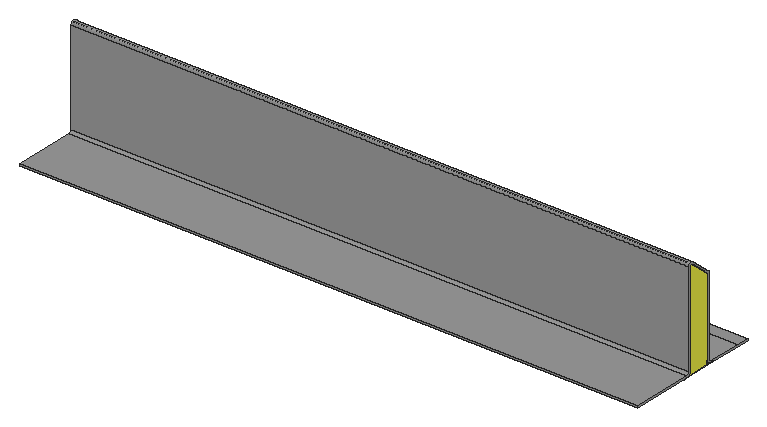
Revit family "SK 50 WIL", category Generic Models, Revit 2014
Parameters (values of type "Max lintel length 4200mm")
  URL = "http://www.keystonelintels.co.uk"
  Structural Opening [instance] = 900 mm
  Structural Performance = "The Keystone lintel range has safe working loads as detailed in each applicable loading table in the Keystone Lintel Guide brochure. The structural performance figures within each table have been ascertained by testing in accordance with the requirements of standards BS EN 5977-2: 1983 and BS EN 845-2: 2003."
  RIBA Productor Selector = "available for Keystone Lintels Ltd from Keystone Lintels Ltd from ribaproductselector.com"
  Model = "SK/50 WIL"
  Min Length = 600 mm
  Min Clear Span = 300 mm
  Max Length = 4200 mm
  Max Clear Span = 4200 mm
  Material - Stainless Steel = "Grade 304 2b 1.4307 to BS EN 10088-2. Other grades available on request: contact manufacturer."
  Material - Galvanised Steel = "To BS EN 10346: 2009. DX51D plus Z600 or grade Z275 to BS 5977-2: 1983 (BS EN 845-2: 2003)."
  Manufacturer = "Keystone"
  Manufactured Length [instance] = (roundup(Effective Length / 150 mm) * 150 mm)  # 1200 mm
  Lintel height [instance] = 2100 mm
  Keynote = "F30/755"
  Fire Performance = "Keystone lintels have been subjected to a fire test (WARRES No. 101263) in accordance with BS 476-20: 1987, at Exova Warrington Fire and achieved a one hour fire performance."
  End Bearing = 150 mm
  Effective Length [instance] = Clear Opening with MIN MAX set + End Bearing * 2  # 1200 mm
  Corrosion = "Keystone’s standard range of lintels are manufactured from high quality grade pre-galvanized carbon steel with a zinc coating of 600"
  Contact Tel = "+44 (0)28 8676 2184"
  Contact Email = "info@keystonelintels.co.uk"
  Clear Opening with MIN MAX set [instance] = if(Structural Opening < Min Clear Span, Min Clear Span, (if(Structural Opening > Max Clear Span, Max Clear Span, Structural Opening)))  # 900 mm
  CPD Information = "Available for Keystone Lintels Ltd from ribacpd.com"
Reference planes
  plane 1 "Center (Front/Back)": y = 0
  plane 2: z = 0
  plane 3 "Center (Left/Right)": x = 0
  plane 4: x = -600
  plane 5: x = 600
  plane 6: z = 2100
  plane 7: x = -450
  plane 8: x = 450
Forms (mm)
  Extrusion 1, solid, material "Steel"
    sketch origin (0, 700.7, -512.746) x (0, 1, 0) y (0, 0, 1)
      loop
        line (-583.096, 2611.892) -> (-582.986, 2615.09) -> (-607.986, 2615.946) -> (-672.986, 2615.946)
        arc (-672.986, 2615.946) -> (-676.522, 2617.411) -> (-677.986, 2620.946) r 5
        line (-677.986, 2620.946) -> (-677.986, 2771.98)
        arc (-677.986, 2771.98) -> (-678.473, 2774.178) -> (-679.843, 2775.964) r 5.2
        line (-679.843, 2775.964) -> (-717.443, 2807.519)
        arc (-717.443, 2807.519) -> (-722.984, 2808.249) -> (-725.986, 2803.536) r 5.2
        line (-725.986, 2803.536) -> (-725.986, 2620.946)
        arc (-725.986, 2620.946) -> (-727.451, 2617.411) -> (-730.986, 2615.946) r 5
        line (-730.986, 2615.946) -> (-850.986, 2615.946) -> (-850.986, 2612.746) -> (-730.986, 2612.746)
        arc (-730.986, 2612.746) -> (-725.188, 2615.148) -> (-722.786, 2620.946) r 8.2
        line (-722.786, 2620.946) -> (-722.786, 2803.536)
        arc (-722.786, 2803.536) -> (-721.631, 2805.349) -> (-719.5, 2805.068) r 2
        line (-719.5, 2805.068) -> (-681.9, 2773.512)
        arc (-681.9, 2773.512) -> (-681.374, 2772.826) -> (-681.186, 2771.98) r 2
        line (-681.186, 2771.98) -> (-681.186, 2620.946)
        arc (-681.186, 2620.946) -> (-678.784, 2615.148) -> (-672.986, 2612.746) r 8.2
        line (-672.986, 2612.746) -> (-608.041, 2612.746) -> (-583.096, 2611.892)
    from -600 to 600
  Extrusion 2, solid, material "Insulation"
    sketch origin (0, 700.7, -512.746) x (0, 1, 0) y (0, 0, 1)
      loop
        line (-681.186, 2620.946) -> (-681.186, 2771.98)
        arc (-681.186, 2771.98) -> (-681.374, 2772.826) -> (-681.9, 2773.512) r 2
        line (-681.9, 2773.512) -> (-719.5, 2805.068)
        arc (-719.5, 2805.068) -> (-721.631, 2805.349) -> (-722.786, 2803.536) r 2
        line (-722.786, 2803.536) -> (-722.786, 2620.946)
        arc (-722.786, 2620.946) -> (-725.188, 2615.148) -> (-730.986, 2612.746) r 8.2
        line (-730.986, 2612.746) -> (-682.486, 2612.746) -> (-682.486, 2620.746) -> (-681.486, 2620.746) -> (-681.486, 2612.746) -> (-672.986, 2612.746)
        arc (-672.986, 2612.746) -> (-678.784, 2615.148) -> (-681.186, 2620.946) r 8.2
    from -600 to 600
  Extrusion 3, solid, material "Steel"
    sketch origin (0, 700.7, -512.746) x (0, 1, 0) y (0, 0, 1)
      loop
        line (-664.486, 2612.746) -> (-681.486, 2612.746) -> (-681.486, 2620.746) -> (-682.486, 2620.746) -> (-682.486, 2612.746) -> (-739.486, 2612.746) -> (-739.486, 2611.746) -> (-664.486, 2611.746) -> (-664.486, 2612.746)
    from -600 to 600
  Extrusion 4, solid, not visible
    sketch origin (0, 911.435, 1195.964) x (0, 1, 0) y (0, 0, 1)
      loop
        line (-583.096, 1011.892) -> (-582.986, 1015.09) -> (-607.986, 1015.946) -> (-672.986, 1015.946)
        arc (-672.986, 1015.946) -> (-676.522, 1017.411) -> (-677.986, 1020.946) r 5
        line (-677.986, 1020.946) -> (-677.986, 1171.98)
        arc (-677.986, 1171.98) -> (-678.473, 1174.178) -> (-679.843, 1175.964) r 5.2
        line (-679.843, 1175.964) -> (-717.443, 1207.519)
        arc (-717.443, 1207.519) -> (-722.984, 1208.249) -> (-725.986, 1203.536) r 5.2
        line (-725.986, 1203.536) -> (-725.986, 1020.946)
        arc (-725.986, 1020.946) -> (-727.451, 1017.411) -> (-730.986, 1015.946) r 5
        line (-730.986, 1015.946) -> (-850.986, 1015.946) -> (-850.986, 1012.746) -> (-730.986, 1012.746)
        arc (-730.986, 1012.746) -> (-725.188, 1015.148) -> (-722.786, 1020.946) r 8.2
        line (-722.786, 1020.946) -> (-722.786, 1203.536)
        arc (-722.786, 1203.536) -> (-721.631, 1205.349) -> (-719.5, 1205.068) r 2
        line (-719.5, 1205.068) -> (-681.9, 1173.512)
        arc (-681.9, 1173.512) -> (-681.374, 1172.826) -> (-681.186, 1171.98) r 2
        line (-681.186, 1171.98) -> (-681.186, 1020.946)
        arc (-681.186, 1020.946) -> (-678.784, 1015.148) -> (-672.986, 1012.746) r 8.2
        line (-672.986, 1012.746) -> (-608.041, 1012.746) -> (-583.096, 1011.892)
    from 0 to 250
  Extrusion 5, solid, not visible
    sketch origin (0, 509.813, 1148.261) x (0, 1, 0) y (0, 0, 1)
      loop
        line (-681.186, 1020.946) -> (-681.186, 1171.98)
        arc (-681.186, 1171.98) -> (-681.374, 1172.826) -> (-681.9, 1173.512) r 2
        line (-681.9, 1173.512) -> (-719.5, 1205.068)
        arc (-719.5, 1205.068) -> (-721.631, 1205.349) -> (-722.786, 1203.536) r 2
        line (-722.786, 1203.536) -> (-722.786, 1020.946)
        arc (-722.786, 1020.946) -> (-725.188, 1015.148) -> (-730.986, 1012.746) r 8.2
        line (-730.986, 1012.746) -> (-682.486, 1012.746) -> (-682.486, 1020.746) -> (-681.486, 1020.746) -> (-681.486, 1012.746) -> (-672.986, 1012.746)
        arc (-672.986, 1012.746) -> (-678.784, 1015.148) -> (-681.186, 1020.946) r 8.2
    from 0 to 250
  Extrusion 6, solid, not visible
    sketch origin (0, 543.268, 993.134) x (0, 1, 0) y (0, 0, 1)
      loop
        line (-664.486, 1012.746) -> (-681.486, 1012.746) -> (-681.486, 1020.746) -> (-682.486, 1020.746) -> (-682.486, 1012.746) -> (-739.486, 1012.746) -> (-739.486, 1011.746) -> (-664.486, 1011.746) -> (-664.486, 1012.746)
    from 0 to 250
Dimensions and locks
  equal spacing: plane 4, plane 3 "Center (Left/Right)", plane 5
  "Manufactured Length": plane 4 to plane 5
  "Lintel height": plane 6 to level
  "Structural Opening": plane 7 to plane 8
  equal spacing: plane 7, plane 3 "Center (Left/Right)", plane 8
  aligned and locked: level to plane 2
  aligned and locked: Extrusion 1 to plane 6
  aligned and locked: Extrusion 2 to plane 6
  aligned and locked: plane 6 to Extrusion 3
  aligned and locked: plane 5 to Extrusion 1
  aligned and locked: Extrusion 1 to plane 4
  aligned and locked: Extrusion 3 to plane 4
  aligned and locked: plane 5 to Extrusion 3
  aligned and locked: plane 5 to Extrusion 2
  aligned and locked: Extrusion 2 to plane 4
Automatic sketch dimensions
  Extrusion 1 sketch curve to Extrusion 1 sketch curve = 0.109 mm
  Extrusion 1 sketch curve to Extrusion 1 sketch curve = 25 mm
  Extrusion 1 sketch curve to Extrusion 1 sketch curve = 3.198 mm
  Extrusion 1 sketch curve to Extrusion 1 sketch curve = 0.055 mm
  Extrusion 1 sketch curve to Extrusion 1 sketch curve = 64.945 mm
  Extrusion 1 sketch curve to Extrusion 1 sketch curve = 0 mm  (x17)
  Extrusion 1 sketch curve to Extrusion 1 sketch curve = 5 mm  (x2)
  Extrusion 1 sketch curve to Extrusion 1 sketch curve = 151.034 mm
  Extrusion 1 sketch curve to Extrusion 1 sketch curve = 2 mm
  Extrusion 1 sketch curve to Extrusion 1 sketch curve = 0.714 mm
  Extrusion 1 sketch curve to Extrusion 1 sketch curve = 2.057 mm  (x2)
  Extrusion 1 sketch curve to Extrusion 1 sketch curve = 37.6 mm
  Extrusion 1 sketch curve to Extrusion 1 sketch curve = 31.556 mm
  Extrusion 1 sketch curve to Extrusion 1 sketch curve = 2.451 mm
  Extrusion 1 sketch curve to Extrusion 1 sketch curve = 1.286 mm
  Extrusion 1 sketch curve to Extrusion 1 sketch curve = 1.532 mm
  Extrusion 1 sketch curve to Extrusion 1 sketch curve = 120 mm
  Extrusion 2 sketch curve to Extrusion 2 sketch curve = 8.2 mm  (x2)
  Extrusion 2 sketch curve to Extrusion 2 sketch curve = 2 mm
  Extrusion 2 sketch curve to Extrusion 2 sketch curve = 1.286 mm  (x2)
  Extrusion 2 sketch curve to Extrusion 2 sketch curve = 37.6 mm
  Extrusion 2 sketch curve to Extrusion 2 sketch curve = 40.3 mm
  Extrusion 2 sketch curve to Extrusion 2 sketch curve = 1 mm
  Extrusion 2 sketch curve to Extrusion 2 sketch curve = 0.714 mm
  Extrusion 2 sketch curve to Extrusion 2 sketch curve = 0 mm
  Extrusion 2 sketch curve to Extrusion 2 sketch curve = 0.2 mm
  Extrusion 2 sketch curve to Extrusion 2 sketch curve = 151.034 mm
  Extrusion 2 sketch curve to Extrusion 2 sketch curve = 31.556 mm
  Extrusion 3 sketch curve to Extrusion 3 sketch curve = 17 mm
  Extrusion 3 sketch curve to Extrusion 3 sketch curve = 8 mm
  Extrusion 3 sketch curve to Extrusion 3 sketch curve = 1 mm  (x2)
  Extrusion 3 sketch curve to Extrusion 3 sketch curve = 0 mm
  Extrusion 3 sketch curve to Extrusion 3 sketch curve = 57 mm
  Extrusion 4 sketch curve to Extrusion 4 sketch curve = 0.109 mm
  Extrusion 4 sketch curve to Extrusion 4 sketch curve = 25 mm
  Extrusion 4 sketch curve to Extrusion 4 sketch curve = 3.198 mm
  Extrusion 4 sketch curve to Extrusion 4 sketch curve = 0.055 mm
  Extrusion 4 sketch curve to Extrusion 4 sketch curve = 64.945 mm
  Extrusion 4 sketch curve to Extrusion 4 sketch curve = 0 mm  (x17)
  Extrusion 4 sketch curve to Extrusion 4 sketch curve = 5 mm  (x2)
  Extrusion 4 sketch curve to Extrusion 4 sketch curve = 151.034 mm
  Extrusion 4 sketch curve to Extrusion 4 sketch curve = 2 mm
  Extrusion 4 sketch curve to Extrusion 4 sketch curve = 0.714 mm
  Extrusion 4 sketch curve to Extrusion 4 sketch curve = 2.057 mm  (x2)
  Extrusion 4 sketch curve to Extrusion 4 sketch curve = 37.6 mm
  Extrusion 4 sketch curve to Extrusion 4 sketch curve = 31.556 mm
  Extrusion 4 sketch curve to Extrusion 4 sketch curve = 2.451 mm
  Extrusion 4 sketch curve to Extrusion 4 sketch curve = 1.286 mm
  Extrusion 4 sketch curve to Extrusion 4 sketch curve = 1.532 mm
  Extrusion 4 sketch curve to Extrusion 4 sketch curve = 120 mm
  Extrusion 5 sketch curve to Extrusion 5 sketch curve = 8.2 mm  (x2)
  Extrusion 5 sketch curve to Extrusion 5 sketch curve = 2 mm
  Extrusion 5 sketch curve to Extrusion 5 sketch curve = 1.286 mm  (x2)
  Extrusion 5 sketch curve to Extrusion 5 sketch curve = 37.6 mm
  Extrusion 5 sketch curve to Extrusion 5 sketch curve = 40.3 mm
  Extrusion 5 sketch curve to Extrusion 5 sketch curve = 1 mm
  Extrusion 5 sketch curve to Extrusion 5 sketch curve = 0.714 mm
  Extrusion 5 sketch curve to Extrusion 5 sketch curve = 0 mm
  Extrusion 5 sketch curve to Extrusion 5 sketch curve = 0.2 mm
  Extrusion 5 sketch curve to Extrusion 5 sketch curve = 151.034 mm
  Extrusion 5 sketch curve to Extrusion 5 sketch curve = 31.556 mm
  Extrusion 6 sketch curve to Extrusion 6 sketch curve = 17 mm
  Extrusion 6 sketch curve to Extrusion 6 sketch curve = 8 mm
  Extrusion 6 sketch curve to Extrusion 6 sketch curve = 1 mm  (x2)
  Extrusion 6 sketch curve to Extrusion 6 sketch curve = 0 mm
  Extrusion 6 sketch curve to Extrusion 6 sketch curve = 57 mm
  Extrusion 2 sketch curve to plane 6 = 0 mm
  plane 1 "Center (Front/Back)" to Extrusion 2 sketch curve = 30.286 mm
  Extrusion 1 sketch curve to plane 6 = 0 mm
  plane 1 "Center (Front/Back)" to Extrusion 1 sketch curve = 150.286 mm
  Extrusion 3 sketch curve to plane 6 = 0 mm
  plane 1 "Center (Front/Back)" to Extrusion 3 sketch curve = 38.786 mm
